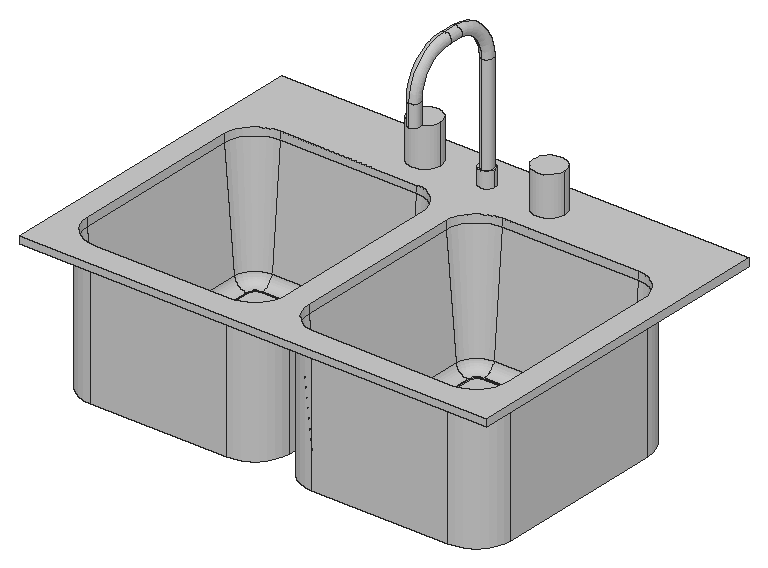
Revit family "Sink Kitchen-Double", category Plumbing Fixtures, Revit 2023
Family settings
  Round Connector Dimension = Use Diameter
  Part Type = Normal
  OmniClass Number = 23.45.05.14.14
  OmniClass Title = Sinks/Lavatories
  Work Plane-Based = No
  Enable Cutting in Views = No
  Always vertical = Yes
  Cut with Voids When Loaded = No
  Maintain Annotation Orientation = No
  Shared = Yes
  Room Calculation Point = No
Parameters (values of type "42" x 21"")
  Default Elevation = 0' - 0"
  Assembly Code = "D2010410"
  Counter Height = 3' - 0"
  Depth = 1' - 9"
  Faucet Material = Steel, Polished
  Sink Material = Steel, Polished
  Width = 2' - 6"
Reference planes (in)
  plane 1 "Center (Front/Back)": y = -1.40766
  plane 2: z = 0
  plane 3 "Center (Left/Right)": x = 0.61769
  plane 4: y = 10.59234
  plane 5: y = -10.40766
  plane 6: x = -14.38231
  plane 7: x = 15.61769
  plane 8 "Top Of Counter": z = 36
  plane 9: z = 36.5
  plane 10: z = 27.5
  plane 11: y = 6.09234
  plane 12: x = -12.88231
  plane 13: y = -8.90766
  plane 14: x = 14.11769
  plane 15: x = -3.38231
  plane 16: x = 4.61769
  plane 17: y = 8.34234
  plane 18: y = 8.34234
  plane 19: y = 8.34234
  plane 20: z = 46.375
  plane 21: y = 2.46734
  plane 22: z = 39
  plane 23: z = 37.5
  plane 24: x = -0.13231
  plane 25: x = 1.36769
  plane 26: x = -6.13231
  plane 27: x = 7.36769
  plane 28: z = 27.875
Forms (in)
  Extrusion 1, solid, material "Steel, Polished" <- "Sink Material"
    sketch origin (0, 0, 0) x (1, 0, 0) y (0, 1, 0)
      loop
        line (-14.38231, 10.59234) -> (-14.38231, -10.40766) -> (15.61769, -10.40766) -> (15.61769, 10.59234) -> (-14.38231, 10.59234)
      loop
        arc (-10.88231, 6.09234) -> (-12.29653, 5.50655) -> (-12.88231, 4.09234) r 2
        line (-12.88231, 4.09234) -> (-12.88231, -6.90766)
        arc (-12.88231, -6.90766) -> (-12.29653, -8.32187) -> (-10.88231, -8.90766) r 2
        line (-10.88231, -8.90766) -> (-2.13231, -8.90766)
        arc (-2.13231, -8.90766) -> (-0.7181, -8.32187) -> (-0.13231, -6.90766) r 2
        line (-0.13231, -6.90766) -> (-0.13231, 4.09234)
        arc (-0.13231, 4.09234) -> (-0.7181, 5.50655) -> (-2.13231, 6.09234) r 2
        line (-2.13231, 6.09234) -> (-10.88231, 6.09234)
      loop
        arc (12.11769, -8.90766) -> (13.5319, -8.32187) -> (14.11769, -6.90766) r 2
        line (14.11769, -6.90766) -> (14.11769, 4.09234)
        arc (14.11769, 4.09234) -> (13.5319, 5.50655) -> (12.11769, 6.09234) r 2
        line (12.11769, 6.09234) -> (3.36769, 6.09234)
        arc (3.36769, 6.09234) -> (1.95347, 5.50655) -> (1.36769, 4.09234) r 2
        line (1.36769, 4.09234) -> (1.36769, -6.90766)
        arc (1.36769, -6.90766) -> (1.95347, -8.32187) -> (3.36769, -8.90766) r 2
        line (3.36769, -8.90766) -> (12.11769, -8.90766)
    from 36 to 36.5
  Sweep 2, solid, material "Steel, Polished" <- "Sink Material"
    path origin (0, 0, 0) x (1, 0, 0) y (0, 1, 0)
      loop
        arc (-10.88231, 6.09234) -> (-12.29653, 5.50655) -> (-12.88231, 4.09234) r 2
        line (-12.88231, 4.09234) -> (-12.88231, -6.90766)
        arc (-12.88231, -6.90766) -> (-12.29653, -8.32187) -> (-10.88231, -8.90766) r 2
        line (-10.88231, -8.90766) -> (-2.13231, -8.90766)
        arc (-2.13231, -8.90766) -> (-0.7181, -8.32187) -> (-0.13231, -6.90766) r 2
        line (-0.13231, -6.90766) -> (-0.13231, 4.09234)
        arc (-0.13231, 4.09234) -> (-0.7181, 5.50655) -> (-2.13231, 6.09234) r 2
        line (-2.13231, 6.09234) -> (-10.88231, 6.09234)
    profile origin (-6.50731, 0, 0) x (0, 1, 0) y (0, 0, 1)
      loop
        line (6.09234, 36) -> (5.44139, 28.55963)
        arc (5.44139, 28.55963) -> (5.20094, 28.07204) -> (4.69424, 27.875) r 0.75
        line (4.69424, 27.875) -> (4.59234, 27.875) -> (4.59234, 27.5) -> (6.34234, 27.5) -> (6.34234, 36) -> (6.09234, 36)
  Extrusion 3, solid, material "Steel, Polished" <- "Sink Material"
    sketch origin (0, 0, 0) x (1, 0, 0) y (0, 1, 0)
      loop
        arc (-10.88231, 4.59234) -> (-11.23587, 4.44589) -> (-11.38231, 4.09234) r 0.5
        line (-11.38231, 4.09234) -> (-11.38231, -6.90766)
        arc (-11.38231, -6.90766) -> (-11.23587, -7.26121) -> (-10.88231, -7.40766) r 0.5
        line (-10.88231, -7.40766) -> (-2.13231, -7.40766)
        arc (-2.13231, -7.40766) -> (-1.77876, -7.26121) -> (-1.63231, -6.90766) r 0.5
        line (-1.63231, -6.90766) -> (-1.63231, 4.09234)
        arc (-1.63231, 4.09234) -> (-1.77876, 4.44589) -> (-2.13231, 4.59234) r 0.5
        line (-2.13231, 4.59234) -> (-10.88231, 4.59234)
      loop
        circle (-6.13231, -1.40766) r 1
    from 27.5 to 27.875
  Extrusion 4, solid, material "Steel, Polished" <- "Faucet Material"
    sketch origin (0, 0, 0) x (1, 0, 0) y (0, 1, 0)
      loop
        circle (-3.38231, 8.34234) r 1
      loop
        circle (4.61769, 8.34234) r 1
    from 36.5 to 39
  Sweep 5, solid, material "Steel, Polished" <- "Faucet Material"
    path origin (0.61769, 0, 0) x (0, 1, 0) y (0, 0, 1)
      loop
        line (8.34234, 36.5) -> (8.34234, 43.875)
        arc (8.34234, 43.875) -> (7.61011, 45.64277) -> (5.84234, 46.375) r 2.5
        line (5.84234, 46.375) -> (4.96734, 46.375)
        arc (4.96734, 46.375) -> (3.19957, 45.64277) -> (2.46734, 43.875) r 2.5
        line (2.46734, 43.875) -> (2.46734, 42.5)
    profile origin (0.61769, 0, 40.1875) x (0, -1, 0) y (1, 0, 0)
      loop
        circle (-8.34234, 0) r 0.375
  Extrusion 6, solid, material "Steel, Polished" <- "Faucet Material"
    sketch origin (0, 0, 0) x (1, 0, 0) y (0, 1, 0)
      loop
        circle (0.61769, 8.34234) r 0.5
    from 36.5 to 37.5
  Sweep 7, solid, material "Steel, Polished" <- "Sink Material"
    path origin (1.23537, 0, 0) x (-1, 0, 0) y (0, -1, 0)
      loop
        line (-10.88231, -6.09234) -> (-2.13231, -6.09234)
        arc (-2.13231, -6.09234) -> (-0.7181, -5.50655) -> (-0.13231, -4.09234) r 2
        line (-0.13231, -4.09234) -> (-0.13231, 6.90766)
        arc (-0.13231, 6.90766) -> (-0.7181, 8.32187) -> (-2.13231, 8.90766) r 2
        line (-2.13231, 8.90766) -> (-10.88231, 8.90766)
        arc (-10.88231, 8.90766) -> (-12.29653, 8.32187) -> (-12.88231, 6.90766) r 2
        line (-12.88231, 6.90766) -> (-12.88231, -4.09234)
        arc (-12.88231, -4.09234) -> (-12.29653, -5.50655) -> (-10.88231, -6.09234) r 2
    profile origin (7.74269, 0, 0) x (0, -1, 0) y (0, 0, 1)
      loop
        line (-6.09234, 36) -> (-6.34234, 36) -> (-6.34234, 27.5) -> (-4.59234, 27.5) -> (-4.59234, 27.875) -> (-4.69424, 27.875)
        arc (-4.69424, 27.875) -> (-5.20094, 28.07204) -> (-5.44139, 28.55963) r 0.75
        line (-5.44139, 28.55963) -> (-6.09234, 36)
  Extrusion 8, solid, material "Steel, Polished" <- "Sink Material"
    sketch origin (0, 0, 0) x (1, 0, 0) y (0, 1, 0)
      loop
        arc (3.36769, 4.69424) -> (3.01413, 4.5478) -> (2.86769, 4.19424) r 0.5
        line (2.86769, 4.19424) -> (2.86769, -6.90766)
        arc (2.86769, -6.90766) -> (3.01413, -7.26121) -> (3.36769, -7.40766) r 0.5
        line (3.36769, -7.40766) -> (12.11769, -7.40766)
        arc (12.11769, -7.40766) -> (12.47124, -7.26121) -> (12.61769, -6.90766) r 0.5
        line (12.61769, -6.90766) -> (12.61769, 4.19424)
        arc (12.61769, 4.19424) -> (12.47124, 4.5478) -> (12.11769, 4.69424) r 0.5
        line (12.11769, 4.69424) -> (3.36769, 4.69424)
      loop
        circle (7.36769, -1.40766) r 1
    from 27.5 to 27.875
Cuts and joins
  joined: Extrusion 1, Sweep 2, Sweep 7
  joined: Sweep 5, Extrusion 6
Lines and regions (in)
  Masking region 1
    outline origin (0, 0, 36) x (0, -1, 0) y (1, 0, 0)
      loop
        line (-10.59234, -14.38231) -> (10.40766, -14.38231) -> (10.40766, 15.61769) -> (-10.59234, 15.61769) -> (-10.59234, -14.38231)
  symbolic lines
    curve 1: line (-12.88231, 4.09234, 36) -> (-12.88231, -6.90766, 36)
    curve 2: line (-10.88231, -8.90766, 36) -> (-2.13231, -8.90766, 36)
    curve 3: line (14.11769, -6.90766, 36) -> (14.11769, 4.09234, 36)
    curve 4: line (12.11769, 6.09234, 36) -> (3.36769, 6.09234, 36)
    curve 5: arc (14.11769, 4.09234, 36) -> (13.5319, 5.50655, 36) -> (12.11769, 6.09234, 36) r 2
    curve 6: arc (12.11769, -8.90766, 36) -> (13.5319, -8.32187, 36) -> (14.11769, -6.90766, 36) r 2
    curve 7: arc (-12.88231, -6.90766, 36) -> (-12.29653, -8.32187, 36) -> (-10.88231, -8.90766, 36) r 2
    curve 8: arc (-10.88231, 6.09234, 36) -> (-12.29653, 5.50655, 36) -> (-12.88231, 4.09234, 36) r 2
    curve 9: arc (1.11769, 8.34234, 36) -> (0.61769, 8.84234, 36) -> (0.11769, 8.34234, 36) r 0.5
    curve 10: line (0.11769, 8.34234, 36) -> (0.11769, 0.59234, 36)
    curve 11: line (1.11769, 8.34234, 36) -> (1.11769, 0.59234, 36)
    curve 12: arc (1.11769, 0.59234, 36) -> (0.61769, 0.09234, 36) -> (0.11769, 0.59234, 36) r 0.5
    curve 13: line (-0.13231, 4.09234, 36) -> (-0.13231, -6.90766, 36)
    curve 14: line (1.36769, 4.09234, 36) -> (1.36769, -6.90766, 36)
    curve 15: line (3.36769, -8.90766, 36) -> (12.11769, -8.90766, 36)
    curve 16: line (-2.13231, 6.09234, 36) -> (-10.88231, 6.09234, 36)
    curve 17: arc (3.36769, 6.09234, 36) -> (1.95347, 5.50655, 36) -> (1.36769, 4.09234, 36) r 2
    curve 18: arc (1.36769, -6.90766, 36) -> (1.95347, -8.32187, 36) -> (3.36769, -8.90766, 36) r 2
    curve 19: arc (-0.13231, -6.90766, 36) -> (-0.7181, -8.32187, 36) -> (-2.13231, -8.90766, 36) r 2
    curve 20: arc (-0.13231, 4.09234, 36) -> (-0.7181, 5.50655, 36) -> (-2.13231, 6.09234, 36) r 2
    curve 21: arc (-7.13231, -1.40766, 36) -> (-6.13231, -0.40766, 36) -> (-5.13231, -1.40766, 36) r 1
    curve 22: arc (-5.13231, -1.40766, 36) -> (-6.13231, -2.40766, 36) -> (-7.13231, -1.40766, 36) r 1
    curve 23: arc (6.36769, -1.40766, 36) -> (7.36769, -0.40766, 36) -> (8.36769, -1.40766, 36) r 1
    curve 24: arc (8.36769, -1.40766, 36) -> (7.36769, -2.40766, 36) -> (6.36769, -1.40766, 36) r 1
    curve 25: arc (-4.38231, 8.34234, 36) -> (-3.38231, 7.34234, 36) -> (-2.38231, 8.34234, 36) r 1
    curve 26: arc (-2.38231, 8.34234, 36) -> (-3.38231, 9.34234, 36) -> (-4.38231, 8.34234, 36) r 1
    curve 27: arc (3.61769, 8.34234, 36) -> (4.61769, 7.34234, 36) -> (5.61769, 8.34234, 36) r 1
    curve 28: arc (5.61769, 8.34234, 36) -> (4.61769, 9.34234, 36) -> (3.61769, 8.34234, 36) r 1
Dimensions and locks (in)
  equal spacing: plane 6, plane 3 "Center (Left/Right)", plane 7
  "Width": plane 6 to plane 7
  "Depth": plane 5 to plane 4
  "Counter Height": plane 8 "Top Of Counter" to plane 2
  locked: plane 9 to plane 8 "Top Of Counter" at 0.5
  locked: plane 8 "Top Of Counter" to plane 10 at 8.5
  locked: plane 6 to plane 12 at 1.5
  locked: plane 14 to plane 7 at 1.5
  locked: plane 11 to plane 4 at 4.5
  locked: plane 5 to plane 13 at 1.5
  equal spacing: plane 11, plane 17, plane 4
  equal spacing: plane 11, plane 18, plane 4
  equal spacing: plane 4, plane 19, plane 11
  locked: plane 19 to plane 21 at 5.875
  locked: plane 20 to plane 9 at 9.875
  locked: plane 22 to plane 9 at 2.5
  locked: plane 23 to plane 9 at 1
  plane 24 to plane 3 "Center (Left/Right)" to plane 25 = 0' - 0 3/4" locked, 0' - 0 3/4" locked
  equal spacing: plane 12, plane 26, plane 3 "Center (Left/Right)"
  equal spacing: plane 3 "Center (Left/Right)", plane 27, plane 14
  equal spacing: plane 13, plane 1 "Center (Front/Back)", plane 11
  locked: plane 15 to plane 3 "Center (Left/Right)" at 4
  locked: plane 3 "Center (Left/Right)" to plane 16 at 4
  locked: plane 28 to plane 10 at 0.375
  aligned and locked: Extrusion 1 sketch curve to plane 5
  aligned and locked: plane 7 to Extrusion 1 sketch curve
  aligned and locked: plane 4 to Extrusion 1 sketch curve
  aligned and locked: Extrusion 1 sketch curve to plane 6
  aligned and locked: plane 8 "Top Of Counter" to Extrusion 1
  aligned and locked: Extrusion 1 to plane 9
  aligned and locked: plane 11 to Extrusion 1 sketch curve
  aligned and locked: plane 14 to Extrusion 1 sketch curve
  aligned and locked: Extrusion 1 sketch curve to plane 12
  aligned and locked: Extrusion 1 sketch curve to plane 13
  aligned and locked: plane 11 to Sweep 2 sketch curve
  aligned and locked: Sweep 2 sketch curve to plane 12
  aligned and locked: Sweep 2 sketch curve to plane 13
  aligned and locked: Sweep 2 to Extrusion 3 sketch curve  (x4)
  aligned and locked: plane 10 to Extrusion 3
  aligned and locked: Sweep 2 sketch curve to plane 10
  aligned and locked: plane 8 "Top Of Counter" to Sweep 2 sketch curve
  aligned and locked: Extrusion 4 to Extrusion 1
  aligned and locked: Extrusion 6 to Extrusion 1
  aligned and locked: Sweep 5 sketch curve to plane 19
  aligned and locked: plane 20 to Sweep 5 sketch curve
  aligned and locked: plane 21 to Sweep 5 sketch curve
  aligned and locked: Extrusion 4 to plane 22
  aligned and locked: Extrusion 6 to plane 23
  aligned and locked: Sweep 2 sketch curve to Extrusion 1
  aligned and locked: Sweep 7 sketch curve to plane 14
  aligned and locked: Sweep 7 sketch curve to Extrusion 1
  aligned and locked: Sweep 7 sketch curve to plane 11
  aligned and locked: plane 13 to Sweep 7 sketch curve
  aligned and locked: plane 10 to Extrusion 8
  aligned and locked: curve 21 to Extrusion 3
  aligned and locked: curve 23 to Extrusion 8
  aligned and locked: Extrusion 8 sketch curve to Sweep 7
  aligned and locked: Sweep 7 sketch curve to plane 8 "Top Of Counter"
  aligned and locked: plane 10 to Sweep 7 sketch curve
  aligned and locked: plane 4 to Masking region 1 sketch curve
  aligned and locked: plane 7 to Masking region 1 sketch curve
  aligned and locked: Masking region 1 sketch curve to plane 5
  aligned and locked: Masking region 1 sketch curve to plane 6
  aligned and locked: plane 15 to Extrusion 4 sketch curve
  aligned and locked: plane 17 to Extrusion 4 sketch curve  (x2)
  aligned and locked: plane 16 to Extrusion 4 sketch curve
  aligned and locked: curve 25 to Extrusion 4
  aligned and locked: curve 27 to Extrusion 4
  aligned and locked: Extrusion 3 to plane 28
  aligned and locked: Extrusion 8 to plane 28
Automatic sketch dimensions
  Sweep 2 sketch curve to profile plane = 0' - 0"
  profile plane to Sweep 2 sketch curve = 0' - 0.65095"
  Sweep 2 sketch curve to Sweep 2 sketch curve = 0' - 0.74715"
  Sweep 2 sketch curve to Sweep 2 sketch curve = 0' - 0.10191"
  Sweep 2 sketch curve to profile plane = 0' - 0 1/4"
  Sweep 2 sketch curve to Sweep 2 sketch curve = 0' - 0 3/8"
  Sweep 2 sketch curve to Sweep 2 sketch curve = 0' - 0.68463"
  plane 15 to Extrusion 4 sketch curve = 0' - 1"
  plane 16 to Extrusion 4 sketch curve = 0' - 1"
  Sweep 5 sketch curve to plane 3 "Center (Left/Right)" = 0' - 0"
  Sweep 5 sketch curve to profile plane = 0' - 0"
  profile plane to Sweep 5 sketch curve = 0' - 0 3/8"
  Extrusion 6 sketch curve to plane 18 = 0' - 0"
  Extrusion 6 sketch curve to plane 3 "Center (Left/Right)" = 0' - 0"
  Extrusion 6 sketch curve to plane 3 "Center (Left/Right)" = 0' - 0 1/2"
  Sweep 5 sketch curve to plane 9 = 0' - 0"
  Sweep 5 sketch curve to Sweep 5 sketch curve = 0' - 2 1/2"
  plane 11 to Sweep 5 sketch curve = 0' - 0 1/4"
  Sweep 5 sketch curve to Sweep 5 sketch curve = 0' - 1 3/8"
  Extrusion 1 sketch curve to plane 13 = 0' - 0"
  Extrusion 1 sketch curve to plane 24 = 0' - 0"
  Extrusion 1 sketch curve to plane 25 = 0' - 0"
  Extrusion 1 sketch curve to plane 11 = 0' - 0"
  Extrusion 1 sketch curve to plane 12 = 0' - 2"  (x2)
  Extrusion 1 sketch curve to plane 3 "Center (Left/Right)" = 0' - 2 3/4"  (x2)
  plane 3 "Center (Left/Right)" to Extrusion 1 sketch curve = 0' - 2 3/4"  (x2)
  plane 14 to Extrusion 1 sketch curve = 0' - 2"
  Extrusion 1 sketch curve to Extrusion 1 sketch curve = 0' - 2"
  Sweep 2 sketch curve to plane 12 = 0' - 2"  (x2)
  Sweep 2 sketch curve to plane 3 "Center (Left/Right)" = 0' - 2 3/4"  (x2)
  plane 14 to Sweep 7 sketch curve = 0' - 2"  (x2)
  Sweep 7 sketch curve to Sweep 7 sketch curve = 0' - 2"
  plane 3 "Center (Left/Right)" to Sweep 7 sketch curve = 0' - 2 3/4"
  Extrusion 3 sketch curve to plane 1 "Center (Front/Back)" = 0' - 0"
  Extrusion 3 sketch curve to plane 26 = 0' - 0"
  Extrusion 3 sketch curve to Extrusion 3 sketch curve = 0' - 0 1/2"  (x4)
  plane 26 to Extrusion 3 sketch curve = 0' - 1"
  Extrusion 8 sketch curve to plane 1 "Center (Front/Back)" = 0' - 0"
  Extrusion 8 sketch curve to plane 27 = 0' - 0"
  plane 27 to Extrusion 8 sketch curve = 0' - 1"
  plane 3 "Center (Left/Right)" to Extrusion 8 sketch curve = 0' - 2 3/4"  (x2)
  Extrusion 8 sketch curve to Extrusion 8 sketch curve = 0' - 0 1/2"  (x2)
  plane 11 to Extrusion 8 sketch curve = 0' - 1.89809"
  Extrusion 8 sketch curve to plane 13 = 0' - 2"
  plane 7 to Extrusion 8 sketch curve = 0' - 3 1/2"
  Sweep 7 sketch curve to profile plane = 0' - 0"
  profile plane to Sweep 7 sketch curve = 0' - 0 1/4"
  Sweep 7 sketch curve to profile plane = 0' - 0.65095"
  Sweep 7 sketch curve to Sweep 7 sketch curve = 0' - 0.74715"
  Sweep 7 sketch curve to Sweep 7 sketch curve = 0' - 0.10191"
  Sweep 7 sketch curve to Sweep 7 sketch curve = 0' - 0.06537"
  Sweep 7 sketch curve to Sweep 7 sketch curve = 0' - 1.05963"
  curve 20 to plane 11 = 0' - 0"
  curve 17 to plane 11 = 0' - 0"
  curve 5 to plane 14 = 0' - 0"
  curve 1 to plane 12 = 0' - 0"
  curve 12 to plane 3 "Center (Left/Right)" = 0' - 0"
  curve 7 to plane 13 = 0' - 0"
  curve 18 to plane 13 = 0' - 0"
  plane 4 to curve 11 = 0' - 2 1/4"
  plane 11 to curve 5 = 0' - 2"
  plane 11 to curve 8 = 0' - 2"
  curve 13 to plane 3 "Center (Left/Right)" = 0' - 0 3/4"
  curve 14 to curve 13 = 0' - 0"
  curve 11 to plane 1 "Center (Front/Back)" = 0' - 2"
  plane 3 "Center (Left/Right)" to curve 14 = 0' - 0 3/4"
  curve 14 to plane 13 = 0' - 2"
  curve 13 to curve 14 = 0' - 0"
  curve 1 to plane 13 = 0' - 2"
  curve 6 to plane 13 = 0' - 2"
  curve 9 to plane 3 "Center (Left/Right)" = 0' - 0 1/2"
  curve 4 to curve 27 = 0' - 0 1/4"
Connectors (in)
  piping at (-3.38231, 8.34234, 36.5), diameter 1.5
    settings: on Extrusion 4, index 1, connector inside diameter 24", connector length 0' - 0", flow factor 0, pipe flow 0 GPM, pressure drop 0.00 psi, fitting loss kfactor 0, connector angle 0.00°, fixture units 1.5, engagement length 0' - 0", angle of deflection 0.00°, flow configuration 3, flow direction 1, fitting loss method 4, system type 19, joint type 0, gender type 0, connector reference index -1, connector utility 0, adjustable connector no, is connector primary yes, connector description ""
  piping at (4.61769, 8.34234, 36.5), diameter 1.5
    settings: on Extrusion 4, index 2, connector inside diameter 24", connector length 0' - 0", flow factor 0, pipe flow 0 GPM, pressure drop 0.00 psi, fitting loss kfactor 0, connector angle 0.00°, fixture units 1.5, engagement length 0' - 0", angle of deflection 0.00°, flow configuration 3, flow direction 1, fitting loss method 4, system type 20, joint type 0, gender type 0, connector reference index -1, connector utility 0, adjustable connector no, is connector primary no, connector description ""
  piping at (7.36769, -1.40766, 27.5), diameter 2
    settings: on Extrusion 8, index 3, connector inside diameter 24", connector length 0' - 0", flow factor 0, pipe flow 0 GPM, pressure drop 0.00 psi, fitting loss kfactor 0, connector angle 0.00°, fixture units 1.5, engagement length 0' - 0", angle of deflection 0.00°, flow configuration 3, flow direction 2, fitting loss method 4, system type 16, joint type 0, gender type 0, connector reference index -1, connector utility 0, adjustable connector no, is connector primary no, connector description ""
  piping at (7.36769, -1.40766, 27.5), diameter 2
    settings: on Extrusion 8, index 4, connector inside diameter 24", connector length 0' - 0", flow factor 0, pipe flow 0 GPM, pressure drop 0.00 psi, fitting loss kfactor 0, connector angle 0.00°, fixture units 1.5, engagement length 0' - 0", angle of deflection 0.00°, flow configuration 3, flow direction 1, fitting loss method 4, system type 16, joint type 0, gender type 0, connector reference index -1, connector utility 0, adjustable connector no, is connector primary no, connector description ""
  piping at (-6.13231, -1.40766, 27.5), diameter 2
    settings: on Extrusion 3, index 5, connector inside diameter 24", connector length 0' - 0", flow factor 0, pipe flow 0 GPM, pressure drop 0.00 psi, fitting loss kfactor 0, connector angle 0.00°, fixture units 1.5, engagement length 0' - 0", angle of deflection 0.00°, flow configuration 3, flow direction 2, fitting loss method 4, system type 16, joint type 0, gender type 0, connector reference index -1, connector utility 0, adjustable connector no, is connector primary no, connector description ""
